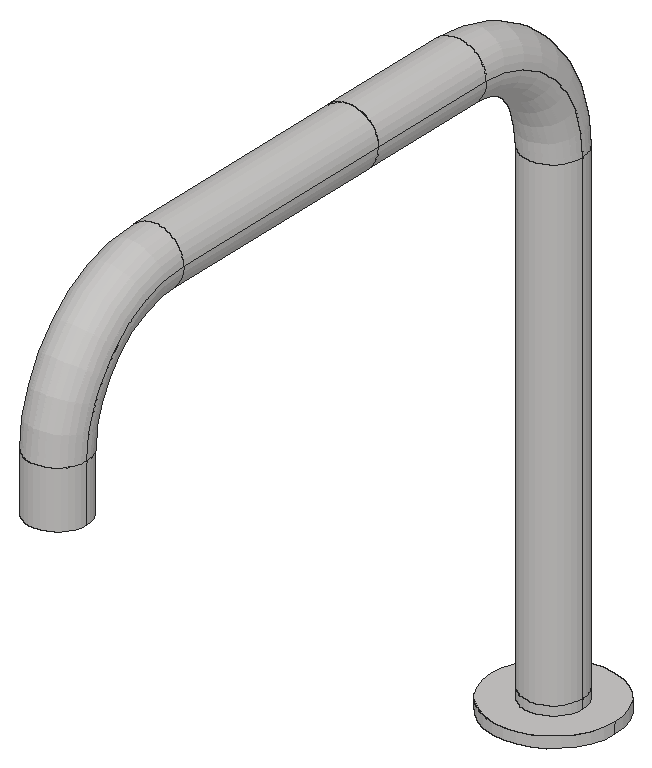
Revit family "090", category Generic Models, Revit 2021
Family settings
  Can host rebar = No
  Round Connector Dimension = Use Diameter
  Part Type = Normal
  Work Plane-Based = No
  Always vertical = Yes
  Cut with Voids When Loaded = No
  Shared = No
  Room Calculation Point = No
Parameters (values of type "Standard")
  e-mail = "info@vola.com"
  URL = "http://vola.com"
  Telephone = "+45 7023 5500"
  Quality management standard = "ISO 9001"
  Organisation no. / DUNS no. = "17531328"
  Occupational health and safety management standard = "ISO 18001"
  Mounting Instructions = "http://vola.com/service/producturl.ashx?name=090"
  Model = "090"
  Materials and components information = "http://vola.com/service/producturl.ashx?name=090"
  Manufacturer = "VOLA A/S"
  Maintenance Instructions = "http://vola.com/service/producturl.ashx?name=090"
  Guarantee = "2 years"
  Environmental management standard = "ISO 14000"
  Default Elevation = 0.0000 mm
  Connection - All relevant connections = ""
  Approvals = "http://vola.com/service/producturl.ashx?name=090"
Reference planes
  plane 1 "Center (Front/Back)": y = 0
  plane 2: z = 0
  plane 3 "Center (Left/Right)": x = 0
Forms (mm)
  Sweep 1, solid, material "Stainless Steel"
    path origin (0, 0, 0) x (0, 1, 0) y (0, 0, 1)
      loop
        line (0, 6.5) -> (0, 163)
        arc (0, 163) -> (-11.423, 190.577) -> (-39, 202) r 39
        line (-39, 202) -> (-82.5, 202)
    profile origin (0, 0, 84.75) x (0, -1, 0) y (1, 0, 0)
      loop
        circle (0, 0) r 9.5
  Extrusion 2, solid, material "Stainless Steel"
    sketch origin (0, 0, 0) x (1, 0, 0) y (0, 1, 0)
      loop
        circle (0, 0) r 20
    from 0 to 3.5
  Extrusion 3, solid, material "Stainless Steel"
    sketch origin (0, 0, 3.5) x (1, 0, 0) y (0, 1, 0)
      loop
        circle (0, 0) r 9.5
    from 0 to 3
  Sweep 4, solid, material "Stainless Steel"
    path origin (0, 0, 0) x (0, 1, 0) y (0, 0, 1)
      loop
        line (-82.5, 202) -> (-161, 202)
        arc (-161, 202) -> (-188.577, 190.577) -> (-200, 163) r 39
    profile origin (0, -121.75, 202) x (0, 0, -1) y (1, 0, 0)
      loop
        circle (0, 0) r 9.5
  Extrusion 5, solid, material "Stainless Steel"
    sketch origin (0, -200, 163) x (0, -1, 0) y (-1, 0, 0)
      loop
        circle (0, 0) r 9.5
    from 0 to 18.5
Cuts and joins
  joined: Sweep 1, Extrusion 2
Dimensions and locks
  aligned and locked: plane 2 to level
